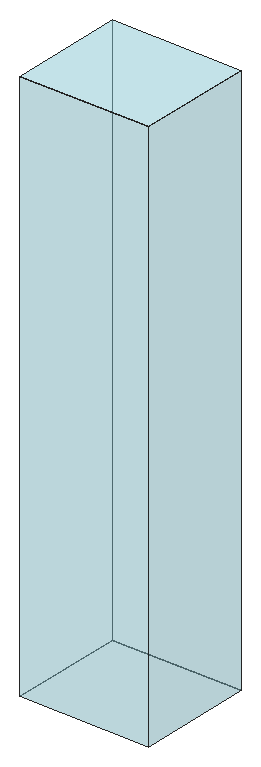
Revit family "Лифт_2D_R21", category Специальное оборудование, Revit 2021
Family settings
  Размер круглого соединителя = Использовать диаметр
  Тип детали = Нормальный
  Всегда вертикально = Да
  При загрузке вырезать с полостями = Нет
  Общий = Нет
  Точка принадлежности помещению = Нет
Parameters (values of type "Лифт_1950х1750_Кабина_1100х1400пр")
  Ширина кабины = 1100 mm
  Шахта_Отступ проема_Право = (AR_Шахта_Ширина - Шахта_Отступ проема_Лево) - AR_Шахта_Ширина проема  # 450 mm
  Шахта_Отступ проема_Лево = 450 mm
  Спереди_Право = Шахта_Отступ проема_Право  # 450 mm
  Спереди_Лево = Шахта_Отступ проема_Лево * par  # 450 mm
  Отступ кабины спереди = 150 mm
  Отступ кабины слева = 405 mm
  Отметка по умолчанию = 0 mm
  Оборудование_выкл = no
  Оборудование_Центр = and(not(Оборудование_Право), not(Оборудование_Лево), not(Оборудование_выкл))  # no
  Оборудование_Право = yes
  Оборудование_Лево = no
  Назед_Лево = Шахта_Отступ проема_Лево * par  # 450 mm
  Назад_Право = Шахта_Отступ проема_Право  # 450 mm
  Доступность МГН = no
  Группа модели = "Лифт"  # constant formula
  Глубина кабины = 1400 mm
  par = 1  # constant formula
  R_Шахта_Ширина проема [instance] = 1050 mm
  R_AR_Шахта_Ширина [instance] = AR_Шахта_Ширина * par  # 1950 mm
  R_AR_Шахта_Приямок [instance] = AR_Шахта_Приямок * par  # 0 mm
  R_AR_Шахта_Маш.отд. [instance] = AR_Шахта_Маш.отд. * par  # 4400 mm
  R_AR_Шахта_Глубина [instance] = AR_Шахта_Глубина * par  # 1750 mm
  FMId = "6e846d62f685438486ef10d538530486"  # constant formula
  AR_Шахта_Ширина проема = 1050 mm
  AR_Шахта_Ширина = 1950 mm
  AR_Шахта_Приямок = 0 mm
  AR_Шахта_Маш.отд. = 4400 mm
  AR_Шахта_Глубина = 1750 mm
  AR_Шахта_Высота проема = 2200 mm
  AR_Шахта_Высота [instance] = 4000 mm
  AR_Скорость подъема (м/с) = "1"
Types (6, lengths in mm): name | Шахта_Отступ проема_Право | Шахта_Отступ проема_Лево | Спереди_Право | Спереди_Лево | Отступ кабины слева | Оборудование_Право | Оборудование_Лево | Назед_Лево | Назад_Право | Глубина кабины | R_AR_Шахта_Ширина | R_AR_Шахта_Глубина | AR_Шахта_Ширина | AR_Шахта_Глубина
  Лифт_1750х2650пр | 460 | 240 | 460 | 240 | 215 | yes | no | 240 | 460 | 2100 | 1750 | 2650 | 1750 | 2650
  Лифт_1750х2650л | 240 | 460 | 240 | 460 | 435 | no | yes | 460 | 240 | 2100 | 1750 | 2650 | 1750 | 2650
  Лифт_1950х1750_Кабина_1100х1400л | 490 | 410 | 490 | 410 | 445 | no | yes | 410 | 490 | 1400 | 1950 | 1750 | 1950 | 1750
  Лифт_1950х1750_Кабина_1100х1400пр | 450 | 450 | 450 | 450 | 405 | yes | no | 450 | 450 | 1400 | 1950 | 1750 | 1950 | 1750
  Лифт_1730х2650пр | 440 | 240 | 440 | 240 | 215 | yes | no | 240 | 440 | 2100 | 1730 | 2650 | 1730 | 2650
  Лифт_1730х2650л | 220 | 460 | 220 | 460 | 435 | no | yes | 460 | 220 | 2100 | 1730 | 2650 | 1730 | 2650
Reference planes
  plane 1 "По центру (Вперед/Назад)": y = 0
  plane 2: z = 0
  plane 3 "По центру (Влево/Вправо)": x = 0
  plane 4: y = 875
  plane 5: y = -875
  plane 6 "Право": x = 975
  plane 7 "Лево": x = -975
  plane 8: x = -525
  plane 9: x = 525
  plane 10 "Верх": z = 4000
  plane 11 "План": z = 1000
  plane 12 "Верх проема": z = 2200
  plane 13 "Маш.отд.": z = 8400
  plane 14 "Приямок": z = 0
Forms (mm)
  Extrusion 1, solid, material "Концепция. Форма по умолчанию", detail levels medium+fine
    sketch origin (0, 0, 0) x (1, 0, 0) y (0, 1, 0)
      loop
        line (975, 875) -> (-975, 875) -> (-975, -875) -> (975, -875) -> (975, 875)
    from 0 to 8400
Lines and regions (mm)
  model lines, style "Пунктир"
    curve 1: line (975, 875, 0) -> (525, 875, 0)
    curve 2: line (975, -875, 0) -> (975, 875, 0)
    curve 3: line (-975, -875, 0) -> (-525, -875, 0)
    curve 4: line (-975, 875, 0) -> (-975, -875, 0)
    curve 5: line (525, -875, 0) -> (975, -875, 0)
    curve 7: line (975, 0, 8400) -> (-975, 0, 8400)
    curve 8: line (975, 0, 0) -> (975, 0, 8400)
    curve 9: line (-975, 0, 8400) -> (-975, 0, 0)
    curve 19: line (-975, 0, 0) -> (975, 0, 0)
    curve 20: line (0, 875, 8400) -> (0, -875, 8400)
    curve 21: line (0, 875, 0) -> (0, 875, 8400)
    curve 22: line (0, -875, 0) -> (0, 875, 0)
    curve 23: line (0, -875, 8400) -> (0, -875, 0)
    curve 24: line (-525, 875, 0) -> (-975, 875, 0)
    curve 26: line (525, -875, 0) -> (525, -975, 0)
    curve 27: line (-525, -875, 0) -> (-525, -975, 0)
  model lines, style "InvisibleLines", not visible
    curve 6: line (0, 0, 0) -> (0, 0, 8400)
  model lines, not visible
    curve 10: line (800, 1100, 1000) -> (520, 1100, 1000)
    curve 11: line (800, -1100, 1000) -> (800, 1100, 1000)
    curve 12: line (-800, -1100, 1000) -> (-500, -1100, 1000)
    curve 13: line (-800, 1100, 1000) -> (-800, -1100, 1000)
    curve 14: line (600, -1100, 1000) -> (800, -1100, 1000)
    curve 15: line (800, -300, 4000) -> (-800, -300, 4000)
    curve 16: line (800, -300, 0) -> (800, -300, 4000)
    curve 17: line (-800, -300, 0) -> (800, -300, 0)
    curve 18: line (-800, -300, 4000) -> (-800, -300, 0)
    curve 25: line (-340, 1100, 1000) -> (-800, 1100, 1000)
  model lines, style "Пунктир", not visible
    curve 28: line (525, 875, 0) -> (525, 975, 0)
    curve 29: line (-525, 875, 0) -> (-525, 975, 0)
  symbolic lines, detail levels medium+fine
    curve 30: line (725, -300, 2200) -> (-825, -300, 2200)
    curve 31: line (725, -300, -200) -> (725, -300, 2200)
    curve 32: line (-825, -300, -200) -> (725, -300, -200)
    curve 33: line (-825, -300, 2200) -> (-825, -300, -200)
    curve 34: line (300, 625, 2200) -> (300, -725, 2200)
    curve 35: line (300, 625, -200) -> (300, 625, 2200)
    curve 36: line (300, -725, -200) -> (300, 625, -200)
    curve 37: line (300, -725, 2200) -> (300, -725, -200)
    curve 38: line (725, -300, 2200) -> (-825, -300, -200)
    curve 39: line (725, -300, -200) -> (-825, -300, 2200)
    curve 40: line (300, 625, 2200) -> (300, -725, -200)
    curve 41: line (300, 625, -200) -> (300, -725, 2200)
  symbolic lines, style "SpecialityEquipmentHiddenLines"
    curve 42: line (-300, -875, 2200) -> (-300, -975, 2200)
  symbolic lines, style "SpecialityEquipmentHiddenLines", not visible
    curve 43: line (-300, 875, 2200) -> (-300, 975, 2200)
Dimensions and locks
  equal spacing: plane 7 "Лево", plane 3 "По центру (Влево/Вправо)", plane 6 "Право"
  equal spacing: plane 4, plane 1 "По центру (Вперед/Назад)", plane 5
  "AR_Шахта_Глубина": plane 4 to plane 5
  "AR_Шахта_Ширина": plane 7 "Лево" to plane 6 "Право"
  "Отступ кабины спереди": plane 5 to nested 1
  "Спереди_Лево": plane 7 "Лево" to plane 8
  "Спереди_Право": plane 9 to plane 6 "Право"
  "Назад_Право": curve 1 to plane 6 "Право"
  "Назед_Лево": plane 7 "Лево" to curve 24
  "R_Шахта_Ширина проема": plane 8 to plane 9
  locked: curve 26 to curve 26 at 100
  locked: curve 27 to curve 27 at 100
  locked: curve 28 to curve 28 at 100
  locked: curve 29 to curve 29 at 100
  plane 7 "Лево" to curve 33 = 150 mm
  plane 6 "Право" to curve 31 = 250 mm
  locked: curve 30 to plane 2 at 2200
  locked: plane 2 to curve 32 at 200
  locked: plane 2 to curve 36 at 200
  locked: curve 34 to plane 2 at 2200
  locked: plane 5 to curve 37 at 150
  curve 35 to plane 4 = 250 mm
  "AR_Шахта_Высота": level to level
  locked: curve 42 to curve 42 at 100
  locked: curve 43 to curve 43 at 100
  "AR_Шахта_Высота проема": plane 12 "Верх проема" to plane 2
  "AR_Шахта_Маш.отд.": plane 13 "Маш.отд." to plane 10 "Верх"
  "AR_Шахта_Приямок": plane 2 to plane 14 "Приямок"
  level to plane 2 = 0 mm
  "Отступ кабины слева": Extrusion 1 to nested 1
  aligned and locked: level to plane 2
  aligned and locked: plane 10 "Верх" to level
  aligned and locked: plane 3 "По центру (Влево/Вправо)" to curve 6
  aligned and locked: curve 23 to plane 5
  aligned and locked: plane 4 to curve 21
  aligned and locked: plane 12 "Верх проема" to curve 42
  aligned and locked: plane 13 "Маш.отд." to curve 7
  aligned and locked: curve 20 to plane 13 "Маш.отд."
  aligned and locked: curve 22 to plane 14 "Приямок"
  aligned and locked: plane 14 "Приямок" to curve 19
  aligned and locked: plane 13 "Маш.отд." to Extrusion 1
  aligned and locked: plane 14 "Приямок" to Extrusion 1
Automatic sketch dimensions
  curve 2 to curve 3 = 1950 mm
  curve 4 to curve 1 = 1500 mm
  curve 4 to curve 4 = 1750 mm
  curve 3 to curve 5 = 1500 mm
  curve 2 to curve 5 = 450 mm
  curve 1 to curve 1 = 450 mm
  curve 24 to curve 4 = 450 mm
  curve 3 to curve 3 = 450 mm
  curve 11 to curve 12 = 1600 mm
  curve 13 to curve 10 = 0 mm
  curve 13 to curve 13 = 2200 mm
  curve 12 to curve 14 = 0 mm
  curve 11 to curve 14 = 200 mm
  curve 10 to curve 10 = 280 mm
  curve 25 to curve 13 = 460 mm
  curve 12 to curve 12 = 300 mm
  plane 12 "Верх проема" to curve 43 = 0 mm
  curve 43 to plane 4 = 0 mm
  curve 42 to plane 5 = 0 mm
  plane 7 "Лево" to curve 9 = 0 mm
  plane 6 "Право" to curve 7 = 0 mm
  Extrusion 1 sketch curve to plane 4 = 0 mm
  Extrusion 1 sketch curve to plane 7 "Лево" = 0 mm
  Extrusion 1 sketch curve to plane 5 = 0 mm
  Extrusion 1 sketch curve to plane 6 "Право" = 0 mm
  curve 4 to plane 7 "Лево" = 0 mm
  curve 3 to plane 8 = 0 mm
  curve 24 to plane 8 = 0 mm
  curve 26 to plane 9 = 0 mm
  curve 5 to plane 5 = 0 mm
  curve 1 to plane 4 = 0 mm
  curve 1 to plane 9 = 0 mm
  curve 1 to plane 6 "Право" = 0 mm
  curve 27 to plane 5 = 0 mm
  curve 29 to plane 4 = 0 mm
Nested families
  nested 1: "(D)_Условно_Лифт_Кабина" at (-20, -25, 0), a <- "Ширина кабины", b <- "Глубина кабины", type "(D)_Условно_Лифт_Кабина"
    with b 1400 mm, a 1100 mm
  nested 2: "(AT)_Символ доступности МГН" at (0, 0, 0), visible <- "Доступность МГН", type "Символ доступности МГН"
Definition of nested family "(D)_Условно_Лифт_Кабина"
  Parameters (values of type "(D)_Условно_Лифт_Кабина")
    Оборудование_Центр = no
    Оборудование_Право = yes
    Оборудование_Лево/Право = no
    b [instance] = 2000 mm
    a [instance] = 1500 mm
  Reference planes
    plane 1 "По центру (Вперед/Назад)": y = 0
    plane 2: z = 0
    plane 3 "По центру (Влево/Вправо)": x = 0
  Lines and regions (mm)
    detail lines, in view "Опорный уровень"
      curve 1: line (750, 1000, 0) -> (-750, 1000, 0)
      curve 2: line (750, -1000, 0) -> (750, 1000, 0)
      curve 3: line (-750, -1000, 0) -> (750, -1000, 0)
      curve 4: line (-750, 1000, 0) -> (-750, -1000, 0)
      curve 5: line (750, 1000, 0) -> (-750, -1000, 0)
      curve 6: line (-750, 1000, 0) -> (750, -1000, 0)
      curve 19: line (-785, 1035, 0) -> (-785, -1035, 0)
      curve 20: line (-785, -1035, 0) -> (785, -1035, 0)
      curve 21: line (785, -1035, 0) -> (785, 1035, 0)
      curve 22: line (785, 1035, 0) -> (-785, 1035, 0)
    detail lines, in view "Опорный уровень", visible <- "Оборудование_Центр"
      curve 7: line (400, 1200, 0) -> (-400, 1200, 0)
      curve 8: line (400, 1100, 0) -> (400, 1200, 0)
      curve 9: line (-400, 1100, 0) -> (400, 1100, 0)
      curve 10: line (-400, 1200, 0) -> (-400, 1100, 0)
    detail lines, in view "Опорный уровень", visible <- "Оборудование_Право"
      curve 11: line (950, 400, 0) -> (850, 400, 0)
      curve 12: line (950, -400, 0) -> (950, 400, 0)
      curve 13: line (850, -400, 0) -> (950, -400, 0)
      curve 14: line (850, 400, 0) -> (850, -400, 0)
    detail lines, in view "Опорный уровень", visible <- "Оборудование_Лево/Право"
      curve 15: line (-950, 400, 0) -> (-850, 400, 0)
      curve 16: line (-950, -400, 0) -> (-950, 400, 0)
      curve 17: line (-850, -400, 0) -> (-950, -400, 0)
      curve 18: line (-850, 400, 0) -> (-850, -400, 0)
  Dimensions and locks
    equal spacing: curve 4, plane 3 "По центру (Влево/Вправо)", curve 2
    equal spacing: curve 1, plane 1 "По центру (Вперед/Назад)", curve 3
    "b": curve 1 to curve 3
    "a": curve 4 to curve 2
    locked: curve 1 to curve 9 at 100
    locked: curve 7 to curve 9 at 100
    curve 2 to curve 14 = 100 mm
    locked: curve 14 to curve 12 at 100
    locked: curve 13 to plane 1 "По центру (Вперед/Назад)" at 400
    locked: curve 4 to curve 18 at 100
    locked: curve 18 to curve 16 at 100
    locked: curve 17 to plane 1 "По центру (Вперед/Назад)" at 400
    locked: curve 11 to plane 1 "По центру (Вперед/Назад)" at 400
    locked: plane 1 "По центру (Вперед/Назад)" to curve 15 at 400
    locked: curve 10 to plane 3 "По центру (Влево/Вправо)" at 400
    locked: plane 3 "По центру (Влево/Вправо)" to curve 8 at 400
    locked: curve 22 to curve 1 at 35
    locked: curve 20 to curve 3 at 35
    locked: curve 2 to curve 21 at 35
    locked: curve 19 to curve 4 at 35
Definition of nested family "(AT)_Символ доступности МГН"
  Parameters (values of type "Символ доступности МГН")
    Символ доступности МГН = yes
  Reference planes
    plane 1: y = 0
    plane 2: x = 0
  Lines and regions (mm)
    Filled region 1, type "Серая", visible <- "Символ доступности МГН"
      outline origin (0, 0, 0) x (0, 1, 0) y (-1, 0, 0)
        loop
          line (2.654, -0.542) -> (2.654, 2.345) -> (1.854, 2.345) -> (1.854, -0.379) -> (0.738, -0.151) -> (0.738, 3.398) -> (-2.141, 4.106) -> (-1.864, 5.374) -> (-2.971, 5.646) -> (-3.517, 3.845) -> (0, 2.888) -> (0, -0.983) -> (4.564, -1.595)
          arc (4.564, -1.595) -> (6.084, -0.106) -> (4.085, -0.835) r 1.088
          line (4.085, -0.835) -> (2.654, -0.542)
        loop
          line (-2.321, 2.488) -> (-2.5, 3.278)
          arc (-2.5, 3.278) -> (-4.549, -2.916) -> (1.885, -1.839) r 3.809
          line (1.885, -1.839) -> (1.052, -1.727)
          arc (1.052, -1.727) -> (-3.999, -2.311) -> (-2.321, 2.488) r 3
